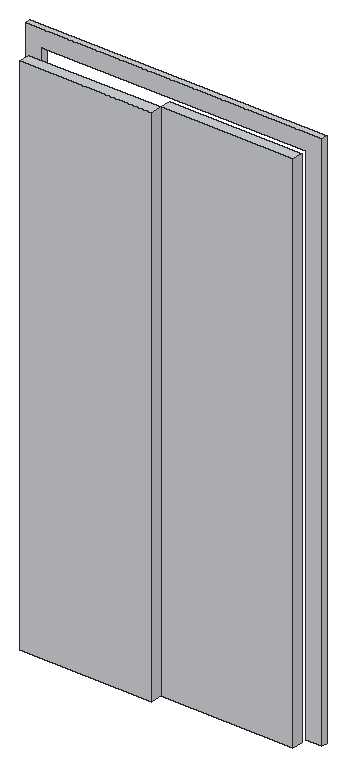
Revit family "ElevatorDoor", category Doors, host Wall, Revit 2024
Family settings
  Host = Wall
  OmniClass Number = 23.30.10.00
  OmniClass Title = Doors
  Always vertical = Yes
  Cut with Voids When Loaded = No
  Shared = No
  Room Calculation Point = No
Parameters (values of type "ElevatorDoor")
  Function = Interior
  Frame Projection Ext. = 0' - 1"
  Frame Projection Int. = 0' - 1"
  Frame Width = 0' - 3"
  Height = 8' - 0"
  Wall Closure = By host
  Width = 4' - 0"
  Define Thermal Properties by = Schematic Type
  Analytic Construction = "<None>"
Types (4): name | Width
  ElevatorDoor | 4' - 0"
  ElevatorDoor - 4' | 4' - 0"
  ElevatorDoor - 6' | 6' - 0"
  ElevatorDoor - 5' | 5' - 0"
Reference planes (in)
  plane 1 "Center (Front/Back)": y = 0
  plane 2 "Center (Left/Right)": x = 0
  plane 3 "Left": x = -24
  plane 4 "Right": x = 24
  plane 5 "Top": z = 96
  plane 6 "Exterior": y = 3
  plane 7 "Interior": y = -3
Forms (in)
  Extrusion 1, solid
    sketch origin (-90, 3, 0) x (-1, 0, 0) y (0, 0, 1)
      loop
        line (-114, 96) -> (-66, 96) -> (-66, 0) -> (-63, 0) -> (-63, 99) -> (-117, 99) -> (-117, 0) -> (-114, 0) -> (-114, 96)
    from 0 to 1
  Extrusion 2, solid
    sketch origin (0, 0, 0) x (1, 0, 0) y (0, 1, 0)
      loop
        line (-24, 0) -> (-24, -2) -> (0, -2) -> (0, 0) -> (-24, 0)
    from 0 to 96 <- "Height"
  Extrusion 3, solid
    sketch origin (0, 2, 0) x (-1, 0, 0) y (0, -1, 0)
      loop
        line (-24, 0) -> (0, 0) -> (0, 2) -> (-24, 2) -> (-24, 0)
    from 0 to 96 <- "Height"
Lines and regions (in)
  Opening 1
    outline origin (-90, -3, 0) x (1, 0, 0) y (0, 0, 1)
      loop
        line (66, 0) -> (114, 0) -> (114, 96) -> (66, 96) -> (66, 0)
  symbolic lines, style "Elevation Swing"
    curve 1: line (-5, 3, 48) -> (-18.25, 3, 48)
    curve 2: line (-18.25, 3, 48) -> (-16.09636, 3, 48.65142)
    curve 3: line (5, 3, 42) -> (18.25, 3, 42)
    curve 4: line (18.25, 3, 42) -> (16.09636, 3, 42.65142)
Text (in)
  text "Exterior" at (-74.96733, 27.31104, 0), in view "Ref. Level"
  text "Interior" at (-74.96733, -25.14366, 0), in view "Ref. Level"
  text "Exterior" at (0, 40.15149, 123.01588), in view "Right"
  text "Interior" at (0, -64.39139, 123.01588), in view "Right"
  text "Interior" at (0, -31.01599, 123.00693), in view "Left"
  text "Exterior" at (0, 54.57065, 123.00693), in view "Left"
Dimensions and locks (in)
  equal spacing: plane 3 "Left", plane 2 "Center (Left/Right)", plane 4 "Right"
  "Height": level to plane 5 "Top"
  "Width": plane 3 "Left" to plane 4 "Right"
  "Frame Width": Extrusion 1 sketch curve to Extrusion 1 sketch curve  (x2)
  "Frame Width": Extrusion 1 sketch curve to plane 5 "Top"
  equal spacing: host wall, curve 2, plane 5 "Top"
  "Frame Projection Ext.": Extrusion 1 to host wall
  locked: host wall to Extrusion 2 sketch curve at 2
  aligned and locked: plane 3 "Left" to Opening 1 sketch curve
  aligned and locked: plane 5 "Top" to Opening 1 sketch curve  (x2)
  aligned and locked: Opening 1 sketch curve to plane 4 "Right"
  aligned and locked: Opening 1 sketch curve to level
  aligned and locked: plane 5 "Top" to Extrusion 1 sketch curve  (x2)
  aligned and locked: plane 3 "Left" to Extrusion 1 sketch curve
  aligned and locked: Extrusion 1 sketch curve to plane 3 "Left"
  aligned and locked: level to Extrusion 1 sketch curve
  aligned and locked: plane 4 "Right" to Extrusion 1 sketch curve
  aligned and locked: Extrusion 1 to host wall
  aligned and locked: plane 6 "Exterior" to host wall
  aligned and locked: plane 7 "Interior" to host wall
  aligned and locked: Extrusion 2 sketch curve to plane 2 "Center (Left/Right)"
  aligned and locked: Extrusion 2 sketch curve to plane 3 "Left"
  aligned and locked: host wall to Extrusion 2 sketch curve
  aligned and locked: Extrusion 2 to plane 5 "Top"
  aligned and locked: Extrusion 3 sketch curve to plane 4 "Right"
  aligned and locked: Extrusion 3 sketch curve to plane 2 "Center (Left/Right)"
  aligned and locked: host wall to Extrusion 3 sketch curve
  aligned and locked: plane 2 "Center (Left/Right)" to nested 1
  aligned and locked: plane 6 "Exterior" to nested 1
Automatic sketch dimensions
  Extrusion 1 sketch curve to level = 0' - 0"
  Extrusion 3 sketch curve to host wall = 0' - 2"
  curve 1 to plane 3 "Left" = 0' - 5 3/4"
  curve 2 to plane 3 "Left" = 0' - 7.90364"
  curve 2 to curve 1 = 0' - 0.65142"
  curve 1 to plane 2 "Center (Left/Right)" = 0' - 5"
  plane 4 "Right" to curve 3 = 0' - 5 3/4"
  level to curve 3 = 3' - 6"
  curve 3 to curve 4 = 0' - 2.15364"
  plane 2 "Center (Left/Right)" to curve 3 = 0' - 5"
  curve 3 to curve 4 = 0' - 0.65142"
Nested families (in)
  nested 1: "EntryTriangle" at (0, 3, 0), type "EntryTriangle"
Definition of nested family "EntryTriangle"
  Reference planes (in)
    plane 1: y = 0
    plane 2: x = 0
  Lines and regions (in)
    Filled region 1, type "S_Black_OPQ"
      outline origin (0, 0, 0) x (1, 0, 0) y (0, 1, 0)
        loop
          line (0, 0.0164) -> (0.02172, 0.05402) -> (-0.02172, 0.05402) -> (0, 0.0164)
